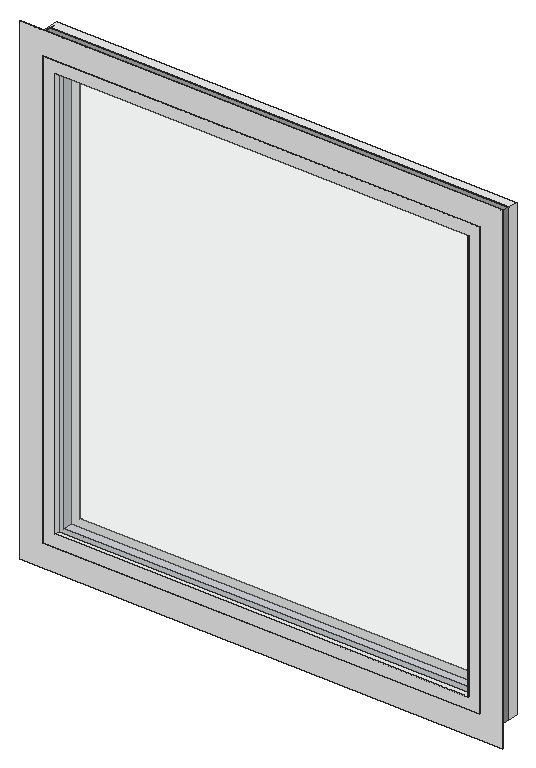
Revit family "Edge_TB42_A_Side_Hung_Custom", category Windows, host Wall, Revit 2014
Parameters (values of type "Casement_Sash_DG")
  Width Sash [instance] = 30 mm
  Width Sash Inner = 15 mm
  Width Bead = 15 mm
  Top Hung [instance] = yes
  Thermal Break Material = Rubber, Black
  Thermal Break Length = 16 mm
  Side Hung Right [instance] = yes
  Side Hung Left [instance] = yes
  Sash Opening Width [instance] = 600 mm
  Sash Opening Height [instance] = 600 mm
  Sash Lip = 15 mm
  Sash Leg [instance] = (Depth Sash - Thermal Break Length) / 2  # 13 mm
  SG Bead Leg = 6.683 mm
  Glazing Material [instance] = Glass
  Glazing Offset = 5 mm
  DG Start Piece 2 [instance] = DG End Piece 1 + DG Gasket Thickness  # 24.158 mm
  DG Start Peice 1 [instance] = ((Depth Sash - (2 * DG Glazing Thickness) - DG Gasket Thickness) / 2) - (SG Bead Leg - Aluminium Thickness) / 2  # 5.758 mm
  DG Glazing Thickness [instance] = 6.4 mm
  DG Gasket Thickness = 12 mm  # constant formula
  DG Gasket Material [instance] = none
  Depth Sash [instance] = 42 mm
  DG End Piece 2 [instance] = DG Start Piece 2 + DG Glazing Thickness  # 30.558 mm
  DG End Piece 1 [instance] = DG Start Peice 1 + DG Glazing Thickness  # 12.158 mm
  Center Vertical Sash [instance] = Sash Opening Height / 2  # 300 mm
  Center Horizontal Sash [instance] = Sash Opening Width / 2  # 300 mm
  Bottom Hung [instance] = yes
  Bead Offset = 15 mm
  Aluminium Thickness = 1 mm
  Aluminium Material [instance] = White Powder Coated Aluminium
Reference planes
  plane 1 "Center (Front/Back)": y = 0
  plane 2: z = 0
  plane 3 "Center (Left/Right)": x = 0
Forms (mm)
  Sweep 1, solid, material "White Powder Coated Aluminium" <- "Aluminium Material"
    path origin (16.177, 0, 121.331) x (1, 0, 0) y (0, 0, 1)
      loop
        line (0, 0) -> (600, 0) -> (600, 600) -> (0, 600) -> (0, 0)
    profile origin (316.177, 0, 121.331) x (0, 0, 1) y (0, -1, 0)
      loop
        line (0, 0) -> (30, 0) -> (30, 1) -> (15, 1) -> (15, 13) -> (14, 13) -> (14, 1) -> (1, 1) -> (1, 13) -> (0, 13) -> (0, 0)
      loop
        line (15, 42) -> (-15, 42) -> (-15, 41) -> (0, 41) -> (0, 29) -> (1, 29) -> (1, 41) -> (14, 41) -> (14, 29) -> (15, 29) -> (15, 42)
  Sweep 2, solid, material "White Powder Coated Aluminium" <- "Aluminium Material"
    path origin (0, 0, 0) x (1, 0, 0) y (0, 0, 1)
      loop
        line (31.177, 706.331) -> (31.177, 136.331) -> (601.177, 136.331) -> (601.177, 706.331) -> (31.177, 706.331)
    profile origin (316.177, 0, 706.331) x (0, 0, 1) y (0, -1, 0)
      loop
        line (0, 41) -> (0, 42) -> (-15, 42) -> (-15, 35.317) -> (-14, 35.317) -> (-14, 41) -> (0, 41)
  Extrusion 3, solid, material "Glass" <- "Glazing Material"
    sketch origin (0, 0, 0) x (1, 0, 0) y (0, 0, 1)
      loop
        line (36.177, 701.331) -> (36.177, 141.331) -> (596.177, 141.331) -> (596.177, 701.331) -> (36.177, 701.331)
    from 5.758 <- "DG Start Peice 1" to 12.158 <- "DG End Piece 1"
  Extrusion 4, solid, material "Glass" <- "Glazing Material"
    sketch origin (0, 0, 0) x (1, 0, 0) y (0, 0, 1)
      loop
        line (36.177, 701.331) -> (36.177, 141.331) -> (596.177, 141.331) -> (596.177, 701.331) -> (36.177, 701.331)
    from 30.558 <- "DG End Piece 2" to 24.158 <- "DG Start Piece 2"
  Sweep 5, solid, material <- "DG Gasket Material"
    path origin (0, -12.158, 0) x (1, 0, 0) y (0, 0, 1)
      loop
        line (36.177, 701.331) -> (36.177, 141.331) -> (596.177, 141.331) -> (596.177, 701.331) -> (36.177, 701.331)
    profile origin (316.177, -12.158, 701.331) x (0, 0, 1) y (0, -1, 0)
      loop
        line (0, 0) -> (0, 12) -> (-7.96, 12) -> (-7.96, 0) -> (0, 0)
  Sweep 6, solid, material "Rubber, Black" <- "Thermal Break Material"
    path origin (16.177, -13, 121.331) x (1, 0, 0) y (0, 0, 1)
      loop
        line (-15, 615) -> (-15, -15) -> (615, -15) -> (615, 615) -> (-15, 615)
    profile origin (316.177, -13, 736.331) x (0, 0, 1) y (0, -1, 0)
      loop
        line (-15, 16) -> (-16, 16) -> (-16, 0) -> (-15, 0) -> (-15, 16)
      loop
        line (-29, 16) -> (-30, 16) -> (-30, 0) -> (-29, 0) -> (-29, 16)
Lines and regions (mm)
  model lines
    curve 1: line (1.177, -42, 736.331) -> (31.177, -42, 706.331)
    curve 2: line (601.177, -42, 706.331) -> (631.177, -42, 736.331)
    curve 3: line (601.177, -42, 136.331) -> (631.177, -42, 106.331)
    curve 4: line (1.177, -42, 106.331) -> (31.177, -42, 136.331)
    curve 5: line (631.177, -41, 736.331) -> (616.177, -41, 721.331)
    curve 6: line (1.177, -41, 736.331) -> (16.177, -41, 721.331)
    curve 7: line (1.177, -41, 106.331) -> (16.177, -41, 121.331)
    curve 8: line (631.177, -41, 106.331) -> (616.177, -41, 121.331)
    curve 9: line (616.177, 0, 121.331) -> (586.177, 0, 151.331)
    curve 10: line (46.177, 0, 151.331) -> (16.177, 0, 121.331)
    curve 11: line (616.177, 0, 721.331) -> (586.177, 0, 691.331)
    curve 12: line (46.177, 0, 691.331) -> (16.177, 0, 721.331)
    curve 13: line (31.177, -42, 691.331) -> (46.177, -42, 691.331)
    curve 14: line (586.177, -42, 691.331) -> (601.177, -42, 691.331)
    curve 15: line (586.177, -42, 151.331) -> (601.177, -42, 151.331)
    curve 16: line (31.177, -42, 151.331) -> (46.177, -42, 151.331)
  model lines, style "GenericModelHiddenLines", visible <- "Top Hung"
    curve 17: line (46.386, -30.558, 690.602) -> (316.177, -30.558, 151.331)
    curve 18: line (316.177, -30.558, 151.331) -> (586.177, -30.558, 691.018)
  model lines, style "GenericModelHiddenLines", visible <- "Bottom Hung"
    curve 19: line (46.177, -30.558, 151.331) -> (316.177, -30.558, 691.018)
    curve 20: line (316.177, -30.558, 691.018) -> (586.177, -30.558, 151.331)
  model lines, style "GenericModelHiddenLines", visible <- "Side Hung Left"
    curve 21: line (46.386, -30.558, 690.602) -> (585.24, -30.558, 421.331)
    curve 22: line (585.24, -30.558, 421.331) -> (46.177, -30.558, 151.331)
  model lines, style "GenericModelHiddenLines", visible <- "Side Hung Right"
    curve 23: line (586.177, -30.558, 691.018) -> (46.177, -30.558, 421.331)
    curve 24: line (46.177, -30.558, 421.331) -> (586.177, -30.558, 151.331)
Dimensions and locks
  "Aluminium Thickness": Sweep 1 sketch curve to Sweep 1 sketch curve  (x6)
  "Depth Sash": Sweep 1 sketch curve to Sweep 1 sketch curve
  "Sash Opening Width": Sweep 1 to Sweep 1
  "Sash Opening Height": Sweep 1 to Sweep 1
  "Width Sash": Sweep 1 sketch curve to Sweep 1 sketch curve  (x2)
  "Width Sash Inner": Sweep 1 sketch curve to Sweep 1 sketch curve
  "Sash Lip": Sweep 1 sketch curve to Sweep 1 sketch curve
  "Glazing Offset": Sweep 2 to Extrusion 3 sketch curve  (x3)
  "Glazing Offset": Extrusion 3 sketch curve to Sweep 2
  Sweep 1 to Sweep 1 = 1 mm
  "Width Bead": Sweep 2 sketch curve to Sweep 2 sketch curve
  locked: Sweep 5 sketch curve to Sweep 5 sketch curve at 7.96
  "Center Horizontal Sash": Sweep 1 to curve 18
  "Center Horizontal Sash": Sweep 1 to curve 20
  "Center Vertical Sash": Sweep 1 to curve 22
  "Center Vertical Sash": Sweep 1 to curve 24
  "Sash Leg": Sweep 1 sketch curve to Sweep 1 sketch curve
  "Aluminium Thickness": Sweep 2 sketch curve to Sweep 2 sketch curve  (x2)
  "SG Bead Leg": Sweep 2 sketch curve to Sweep 2 sketch curve
  aligned and locked: level to plane 2
  aligned and locked: Sweep 1 sketch curve to Sweep 1 sketch curve  (x3)
  aligned and locked: Sweep 2 sketch curve to Sweep 1  (x4)
  aligned and locked: Sweep 1 to Sweep 2 sketch curve  (x2)
  aligned and locked: Extrusion 4 sketch curve to Extrusion 3  (x4)
  aligned and locked: Sweep 5 sketch curve to Extrusion 3  (x5)
  aligned and locked: Extrusion 3 to Sweep 5 sketch curve
  aligned and locked: Sweep 6 sketch curve to Sweep 1  (x10)
  aligned and locked: Sweep 1 to Sweep 6 sketch curve  (x2)
Automatic sketch dimensions
  plane 3 "Center (Left/Right)" to Sweep 1 sketch curve = 16.177 mm
  level to Sweep 1 sketch curve = 121.331 mm
  plane 3 "Center (Left/Right)" to Sweep 1 sketch curve = 616.177 mm
  level to Sweep 1 sketch curve = 721.331 mm
  profile plane to Sweep 5 sketch curve = 12 mm
  curve 7 to Sweep 1 = 0 mm  (x4)
  curve 6 to Sweep 1 = 0 mm  (x3)
  Sweep 1 to curve 6 = 0 mm
  curve 5 to Sweep 1 = 0 mm  (x3)
  curve 8 to Sweep 1 = 0 mm  (x4)
  Sweep 1 to curve 5 = 0 mm
  curve 16 to Sweep 2 = 0 mm  (x3)
  curve 13 to Sweep 2 = 0 mm  (x3)
  curve 15 to Sweep 2 = 0 mm
  Sweep 2 to curve 15 = 0 mm  (x2)
  curve 14 to Sweep 2 = 0 mm  (x2)
  Sweep 2 to curve 14 = 0 mm
  curve 1 to Sweep 1 = 0 mm  (x4)
  curve 4 to Sweep 1 = 0 mm  (x4)
  curve 2 to Sweep 1 = 0 mm  (x4)
  curve 3 to Sweep 1 = 0 mm  (x2)
  Sweep 1 to curve 3 = 0 mm  (x2)
  curve 10 to Sweep 1 = 0 mm  (x4)
  curve 12 to Sweep 1 = 0 mm  (x2)
  Sweep 1 to curve 12 = 0 mm  (x2)
  curve 11 to Sweep 1 = 0 mm  (x4)
  curve 9 to Sweep 1 = 0 mm  (x4)
  profile plane to Sweep 1 sketch curve = 0 mm  (x2)
  Sweep 1 sketch curve to plane 1 "Center (Front/Back)" = 0 mm
  Sweep 1 sketch curve to Sweep 1 sketch curve = 13 mm
  Sweep 1 sketch curve to Sweep 1 sketch curve = 12 mm  (x2)
  curve 21 to Extrusion 4 = 10.208 mm
  curve 19 to Extrusion 4 = 10 mm
  curve 23 to Extrusion 4 = 10 mm  (x2)
  curve 22 to Extrusion 4 = 10.937 mm
  curve 20 to Extrusion 4 = 10 mm
  curve 24 to Extrusion 4 = 10 mm
  curve 22 to Extrusion 4 = 10 mm
  curve 18 to Extrusion 4 = 10 mm
  curve 21 to Extrusion 4 = 10.729 mm
  curve 19 to Extrusion 4 = 10.312 mm
  curve 18 to Extrusion 4 = 10.312 mm
